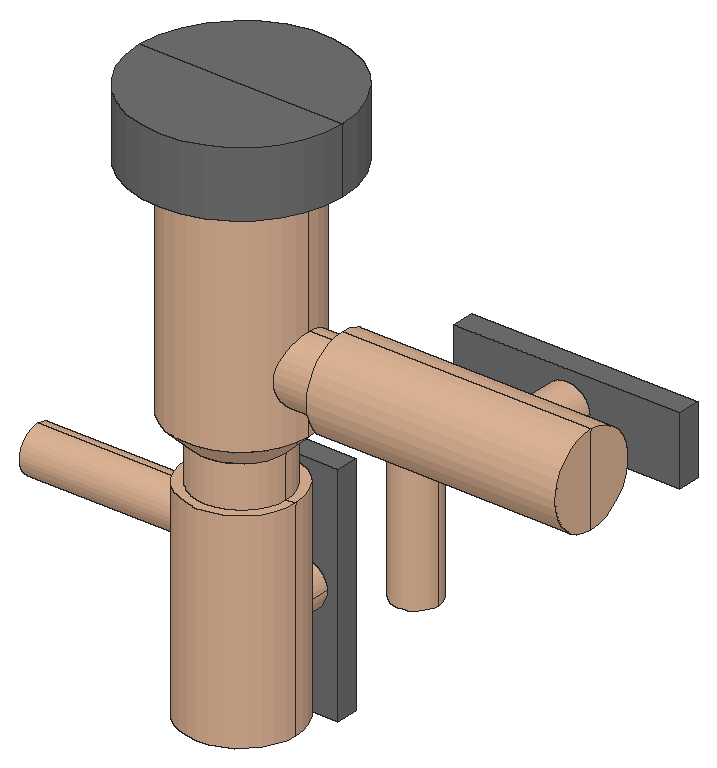
Revit family "Vacuum_Breakers-Freeze_Resistant-WATTS-LF800M4FR_Series", category Pipe Accessories, Revit 2014
Parameters (values of type "LF800M4FR-0.5"")
  Width = 2 1/4"
  Warranty Information = "1 Year (Limited)"
  URL = "http://www.watts.com"
  Region = "North America"  # constant formula
  Radius 2 = 1/2"
  Radius = 1/2"
  Product Page URL = "http://www.watts.com/pages/_products_details.asp?pid=6833"
  Product Documentation Link = "http://media.wattswater.com/ES-LF800M4FR.pdf"
  Price = "Prices may vary. Please consult Manufacturer Representative for most up-to-date price list."  # constant formula
  Overall Length = 6 1/8"
  Outlet offset Height = 3 11/16"
  Nominal Radius = 1/4"
  Model = "LF800M4FR"  # constant formula
  Max. Working Pressure = "150psi (10.3 bar)"  # constant formula
  Material = "Lead Free-Watts-Cast Copper Silicon Alloy"  # constant formula
  Manufacturer Product Line = "Backflow Prevention"  # constant formula
  Manufacturer = "WATTS"
  Length = 3 7/8"
  Height = 6 1/4"
  Handle Length = 2 1/2"
  Description = "Series LF800M4FR Lead Free* Freeze Resistant Pressure Vacuum Breakers prevent the reverse flow of polluted water from entering into the potable water supply due to backsiphonage.  It consists of Lead Free* Cast Copper Silicon Alloy body construction, silicone rubber check valve disc, plastic check valve seat, stainless steel springs, a bonnet with silicone rubber O-ring seal, a lightweight plastic disc float, a built-in relief valve to protect the internal components and the body from freezing, tee handle or lever handle shutoffs, and test cocks for winterization draining. Series LF800M4FR is ideal in continuous pressure health hazard applications where exposure to sudden freezing conditions such as on irrigation systems and industrial process water systems can occur. Maximum Pressure: 150psi (10.3 bar), Minimum Pressure: 15psi (55kPa)."  # constant formula
  Creation Date = "20/5/2014"  # constant formula
  Country = "United States"  # constant formula
  Connection Type = "Female NPT Connection"  # constant formula
  Connection Size = Connection Radius * 2  # 1/2"
  Connection Radius = 1/4"
  CW Connection = yes
  Assembly Code = "F1050"
Types (7): name | Width | Radius 2 | Radius | Product Page URL | Overall Length | Outlet offset Height | Nominal Radius | Length | Height | Handle Length | Connection Size | Connection Radius
  (no name) | 2 1/4" | 1/2" | 1/2" | "http://www.watts.com/pages/_products_details.asp?pid=6833" | 6 1/8" | 3 11/16" | 1/4" | 3 7/8" | 6 1/4" | 2 1/2" | 1/2" | 1/4"
  LF800M4FR-0.5" | 2 1/4" | 1/2" | 1/2" | "http://www.watts.com/pages/_products_details.asp?pid=6833" | 6 1/8" | 3 11/16" | 1/4" | 3 7/8" | 6 1/4" | 2 1/2" | 1/2" | 1/4"
  LF800M4FR-0.75" | 2 1/4" | 7/16" | 7/16" | "http://www.watts.com/pages/_products_details.asp?pid=6832" | 6 1/2" | 3 15/16" | 1/4" | 4 1/8" | 6 1/2" | 2 1/2" | 3/4" | 3/8"
  LF800M4FR-1" | 3 7/16" | 5/8" | 5/8" | "http://www.watts.com/pages/_products_details.asp?pid=6832" | 7 1/2" | 4 3/4" | 1/4" | 4 7/8" | 7 1/2" | 2 3/4" | 1" | 1/2"
  LF800M4FR-1.25" | 5" | 3/4" | 1" | "http://www.watts.com/pages/_products_details.asp?pid=6832" | 8 7/8" | 5 3/4" | 1/2" | 6 1/8" | 9" | 3 1/4" | 1 1/4" | 5/8"
  LF800M4FR-1.5" | 5" | 7/8" | 1 1/4" | "http://www.watts.com/pages/_products_details.asp?pid=6832" | 9 1/4" | 6 1/4" | 1/2" | 6 3/8" | 9 1/2" | 3 1/2" | 1 1/2" | 3/4"
  LF800M4FR-2" | 5" | 1 1/8" | 1 1/4" | "http://www.watts.com/pages/_products_details.asp?pid=6832" | 10 5/8" | 6 3/8" | 5/8" | 7" | 9 5/8" | 3 1/2" | 2" | 1"
Reference planes (in)
  plane 1 "Center (Front/Back)": y = 0
  plane 2: z = 0
  plane 3 "Center (Left/Right)": x = 0
  plane 4: x = 1.125
  plane 5: z = 3.6875
  plane 6: z = 6.25
  plane 7: x = -1.125
  plane 8: x = 0.25
  plane 9: x = -0.25
  plane 10: z = 1.84375
  plane 11: y = -1.125
  plane 12: y = 1.125
  plane 13: x = 2.25
  plane 14: z = 3.9375
  plane 15: z = 4.1875
  plane 16: z = 0.92187
  plane 17: z = 2.76562
  plane 18: z = 2.30469
  plane 19: x = 3.875
  plane 20: x = 1.9375
  plane 21: x = 2.90625
  plane 22: x = -2.25
  plane 23: y = 0.875
Forms (in)
  Revolve 1, solid, material "Lead Free-Watts-Cast Copper Silicon Alloy"
    sketch origin (0, 0, 0) x (1, 0, 0) y (0, 0, 1)
      loop
        line (0, 6.25) -> (-1.125, 6.25) -> (-1.125, 5.52274) -> (-0.75, 5.52274) -> (-0.75, 3.01563) -> (-0.5, 2.76563) -> (-0.5, 2.30469) -> (-0.60807, 2.30469) -> (-0.60807, 0) -> (0, 0) -> (0, 6.25)
      axis (0, 0) -> (0, 6.25)
    angle from 0 to 360
  Revolve 2, solid, material "Lead Free-Watts-Cast Copper Silicon Alloy"
    sketch origin (0, 0, 0) x (1, 0, 0) y (0, 0, 1)
      loop
        line (3.875, 3.6875) -> (3.875, 4.1875) -> (1.125, 4.1875) -> (1.125, 4.0625) -> (0, 4.0625) -> (0, 3.6875) -> (3.875, 3.6875)
      axis (0, 3.6875) -> (3.875, 3.6875)
    angle from 0 to 360
  Revolve 3, solid, material "Lead Free-Watts-Cast Copper Silicon Alloy"
    sketch origin (0, 0, 0) x (1, 0, 0) y (0, 0, 1)
      loop
        line (-2.25, 1.84375) -> (0, 1.84375) -> (0, 2.09375) -> (-2.25, 2.09375) -> (-2.25, 1.84375)
      axis (0, 1.84375) -> (-2.25, 1.84375)
    angle from 0 to 360
  Extrusion 4, solid, material "Thermoplastic-Watts-PPO"
    sketch origin (0, 0, 0) x (1, 0, 0) y (0, 0, 1)
      loop
        line (-0.375, 2.17188) -> (-0.375, -0.32812) -> (0.375, -0.32812) -> (0.375, 2.17188) -> (-0.375, 2.17188)
    from -1.125 to -0.875
  Extrusion 5, solid, material "Lead Free-Watts-Cast Copper Silicon Alloy"
    sketch origin (0, 0, 0) x (1, 0, 0) y (0, 0, 1)
      loop
        circle (0, 0.92188) r 0.25
      loop
        circle (2.90625, 3.6875) r 0.25
    from -0.875 to 0
  Revolve 6, solid, material "Lead Free-Watts-Cast Copper Silicon Alloy"
    sketch origin (0, 0, 0) x (-1, 0, 0) y (0, 0, 1)
      loop
        line (-1.9375, 3.6875) -> (-1.9375, 1.84375) -> (-1.6875, 1.84375) -> (-1.6875, 3.6875) -> (-1.9375, 3.6875)
      axis (-1.9375, 1.84375) -> (-1.9375, 3.6875)
    angle from 0 to 360
  Extrusion 7, solid, material "Thermoplastic-Watts-PPO"
    sketch origin (0, 0, 0) x (-1, 0, 0) y (0, 0, -1)
      loop
        line (-4.15625, -4.0625) -> (-1.65625, -4.0625) -> (-1.65625, -3.3125) -> (-4.15625, -3.3125) -> (-4.15625, -4.0625)
    from -1.125 to -0.875
Lines and regions (in)
  Masking region 1, detail levels fine
    outline origin (0, 0, 0) x (1, 0, 0) y (0, 1, 0)
      loop
        line (-1.09687, 0.25) -> (-2.25, 0.25) -> (-2.25, -0.25) -> (-1.09687, -0.25)
        arc (-1.09687, -0.25) -> (-0.1327, -1.11715) -> (1.00778, -0.5) r 1.125
        line (1.00778, -0.5) -> (3.875, -0.5) -> (3.875, 0.5) -> (3.15625, 0.5) -> (3.15625, 0.875) -> (4.15625, 0.875) -> (4.15625, 1.125) -> (1.65625, 1.125) -> (1.65625, 0.875) -> (2.65625, 0.875) -> (2.65625, 0.5) -> (1.00778, 0.5)
        arc (1.00778, 0.5) -> (-0.1327, 1.11715) -> (-1.09687, 0.25) r 1.125
  model lines, style "PipeAccessory", detail levels coarse+medium
    curve 1: line (-1.125, 1.125, 0) -> (-1.125, -1.125, 0)
    curve 2: line (-1.125, 1.125, 0) -> (1.125, 1.125, 0)
    curve 3: line (1.125, 1.125, 0) -> (1.125, -1.125, 0)
    curve 4: line (-1.125, -1.125, 0) -> (1.125, -1.125, 0)
    curve 5: line (-1.125, 1.125, 0) -> (1.125, -1.125, 0)
    curve 6: line (1.125, 1.125, 0) -> (-1.125, -1.125, 0)
  symbolic lines, detail levels fine
    curve 7: circle (0, 0, 0) r 1.125 normal (0, 0, -1)
Dimensions and locks (in)
  "Height": plane 6 to level
  "Width": plane 7 to plane 4
  "Outlet offset Height": plane 5 to level
  locked: plane 7 to Revolve 1 sketch curve at 0.375
  "Radius": Revolve 1 sketch curve to plane 3 "Center (Left/Right)"
  equal spacing: plane 7, plane 3 "Center (Left/Right)", plane 4
  equal spacing: plane 5, plane 10, level
  "Nominal Radius": Revolve 3 sketch curve to plane 10
  Extrusion 4 sketch curve to plane 3 "Center (Left/Right)" = 3/8"
  plane 3 "Center (Left/Right)" to Extrusion 4 sketch curve = 3/8"
  "Width": plane 12 to plane 11
  equal spacing: plane 12, plane 1 "Center (Front/Back)", plane 11
  "Connection Radius": plane 3 "Center (Left/Right)" to plane 9
  "Radius 2": plane 15 to plane 5
  equal spacing: plane 15, plane 14, plane 5
  "Handle Length": Extrusion 7 sketch curve to Extrusion 7 sketch curve
  equal spacing: plane 10, plane 16, level
  "Handle Length": Extrusion 4 sketch curve to Extrusion 4 sketch curve
  equal spacing: Extrusion 4 sketch curve, plane 16, Extrusion 4 sketch curve
  equal spacing: plane 5, plane 17, plane 10
  equal spacing: plane 17, plane 18, plane 10
  plane 6 to plane 5 = 2 9/16"
  equal spacing: plane 19, plane 21, plane 20
  "Length": plane 19 to plane 3 "Center (Left/Right)"
  equal spacing: plane 19, plane 20, plane 3 "Center (Left/Right)"
  "Overall Length": plane 19 to plane 22
  "Nominal Radius": plane 20 to Revolve 6 sketch curve
  equal spacing: Extrusion 7 sketch curve, plane 21, Extrusion 7 sketch curve
  locked: plane 12 to plane 23 at 0.25
  "Radius 2": Masking region 1 sketch curve to plane 1 "Center (Front/Back)"
  "Radius 2": plane 1 "Center (Front/Back)" to Masking region 1 sketch curve
  "Nominal Radius": plane 1 "Center (Front/Back)" to Masking region 1 sketch curve
  "Nominal Radius": Masking region 1 sketch curve to plane 1 "Center (Front/Back)"
  equal spacing: Revolve 2 sketch curve, Revolve 2 sketch curve, plane 14
  locked: Masking region 1 sketch curve to plane 21 at 0.25
  locked: plane 21 to Masking region 1 sketch curve at 0.25
  locked: Revolve 1 sketch curve to plane 17 (angle 45.00°)
  aligned and locked: plane 7 to Revolve 1 sketch curve
  aligned and locked: plane 3 "Center (Left/Right)" to Extrusion 5 sketch curve
  aligned and locked: plane 5 to Extrusion 5 sketch curve
  aligned and locked: plane 3 "Center (Left/Right)" to Revolve 3 sketch curve
  aligned and locked: plane 3 "Center (Left/Right)" to Revolve 2 sketch curve
  aligned and locked: plane 16 to Extrusion 5 sketch curve
  aligned and locked: plane 17 to Revolve 1 sketch curve
  aligned and locked: plane 7 to curve 1
  aligned and locked: plane 12 to curve 2
  aligned and locked: curve 3 to plane 4
  aligned and locked: curve 4 to plane 11
  aligned and locked: curve 7 to Revolve 1
  aligned and locked: Revolve 2 sketch curve to plane 19
  aligned and locked: Revolve 2 sketch curve to plane 4
  aligned and locked: plane 21 to Extrusion 5 sketch curve
  aligned and locked: Revolve 6 sketch curve to Revolve 6 sketch curve
  aligned and locked: plane 20 to Revolve 6 sketch curve
  aligned and locked: Revolve 3 sketch curve to plane 22
  aligned and locked: Extrusion 7 to plane 12
  aligned and locked: plane 23 to Extrusion 7
  aligned and locked: Extrusion 4 to plane 12
  aligned and locked: Extrusion 4 to Extrusion 7
  aligned and locked: Extrusion 5 to Extrusion 4
  aligned and locked: plane 1 "Center (Front/Back)" to Extrusion 5
  aligned and locked: Masking region 1 sketch curve to Revolve 1  (x2)
  aligned and locked: Masking region 1 sketch curve to Revolve 3
  aligned and locked: Masking region 1 sketch curve to Revolve 2
  aligned and locked: Masking region 1 sketch curve to Extrusion 7  (x5)
  aligned and locked: Masking region 1 sketch curve to Masking region 1 sketch curve
Automatic sketch dimensions
  Revolve 1 sketch curve to plane 18 = 0"
  Revolve 1 sketch curve to plane 3 "Center (Left/Right)" = 0"  (x2)
  Revolve 1 sketch curve to plane 6 = 0"
  Revolve 1 sketch curve to plane 6 = 0.72726"
  Revolve 1 sketch curve to Revolve 1 sketch curve = 1/2"
  Revolve 1 sketch curve to Revolve 1 sketch curve = 3/4"
  Revolve 1 sketch curve to level = 0"
  Revolve 1 sketch curve to Revolve 1 sketch curve = 0.10807"
  Revolve 2 sketch curve to plane 5 = 0"  (x2)
  Revolve 6 sketch curve to plane 10 = 0"
  Revolve 6 sketch curve to plane 5 = 0"
  Revolve 6 sketch curve to Revolve 6 sketch curve = 9/16"
  Revolve 6 sketch curve to Revolve 6 sketch curve = 0.83161"
  Revolve 3 sketch curve to plane 10 = 0"  (x2)
  Revolve 3 sketch curve to Revolve 3 sketch curve = 1 1/4"
  Revolve 2 sketch curve to plane 22 = 0.80817"
  Revolve 3 sketch curve to plane 22 = 2 1/8"
  plane 22 to Revolve 2 sketch curve = 0.19183"
  Revolve 2 sketch curve to plane 15 = 0"
  plane 5 to Extrusion 7 sketch curve = 3/8"
  Extrusion 7 sketch curve to plane 5 = 3/8"
  radius of Extrusion 5 sketch curve = 1/4"  (x2)
Connectors (in)
  piping at (0, 0, 0), diameter 0.5, driven by "Connection Radius"
    settings: on Revolve 1, index 1, connector inside diameter 1/2", connector length 0", flow factor 0, pipe flow 0 GPM, pressure drop 0.00 psi, fitting loss kfactor 0, connector angle 0.00°, fixture units 0, engagement length 0", angle of deflection 0.00°, flow configuration 0, flow direction 1, fitting loss method 0, system type 29, joint type 0, gender type 0, connector reference index -1, connector utility 0, adjustable connector no, is connector primary yes, connector description "Inlet Connection"
  piping at (3.875, 0, 3.6875), diameter 0.5, driven by "Connection Radius"
    settings: on Revolve 2, index 2, connector inside diameter 24", connector length 0", flow factor 0, pipe flow 0 GPM, pressure drop 0.00 psi, fitting loss kfactor 0, connector angle 0.00°, fixture units 0, engagement length 0", angle of deflection 0.00°, flow configuration 0, flow direction 2, fitting loss method 0, system type 29, joint type 0, gender type 0, connector reference index -1, connector utility 0, adjustable connector no, is connector primary no, connector description "Outlet Connection"
